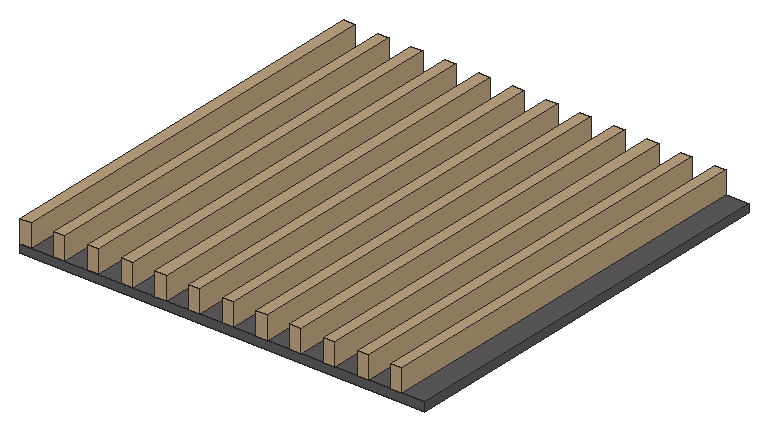
Revit family "RAINIER FINS 1in - 18 X 18", category Generic Models, host Face, Revit 2023
Family settings
  Host = Face
  Can host rebar = No
  Round Connector Dimension = Use Diameter
  Part Type = Normal
  Cut with Voids When Loaded = No
  Maintain Annotation Orientation = No
  Shared = No
  Room Calculation Point = No
Parameters (values of type "CHARCOAL  FELT - 1" UMBER WOOD")
  WOOD MATERIAL = Umber
  FELT MATERIAL = Cambio Felt Board - Charcoal
  Default Elevation = 4' - 0"
Types (37): name | WOOD MATERIAL | FELT MATERIAL
  (no name) | Umber | Cambio Felt Board - Charcoal
  STONE FELT - 1" OAK WOOD | Oak - Clear | Cambio Felt Board - Stone
  STONE FELT - 1" UMBER WOOD | Umber | Cambio Felt Board - Stone
  STONE FELT - 1" LEATHER WOOD | Leather | Cambio Felt Board - Stone
  STONE FELT - 1" EBONY WOOD | Ebony | Cambio Felt Board - Stone
  SAND DOLLAR FELT - EBONY WOOD | Ebony | Cambio Felt Board - Sand Dollar
  SAND DOLLAR FELT - 1" LEATHER WOOD | Leather | Cambio Felt Board - Sand Dollar
  SAND DOLLAR FELT - 1" UMBER WOOD | Umber | Cambio Felt Board - Sand Dollar
  SAND DOLLAR FELT - 1" CLEAR OAK WOOD | Oak - Clear | Cambio Felt Board - Sand Dollar
  PEPPER FELT - 1" CLEAR OAK WOOD | Oak - Clear | Cambio Felt Board - Pepper
  PEPPER FELT - 1" UMBER WOOD | Umber | Cambio Felt Board - Pepper
  PEPPER FELT - 1" LEATHER WOOD | Leather | Cambio Felt Board - Pepper
  PEPPER FELT - 1" EBONY WOOD | Ebony | Cambio Felt Board - Pepper
  OAT FELT - 1" EBONY WOOD | Ebony | Cambio Felt Board - Oat
  OAT FELT - 1" LEATHER WOOD | Leather | Cambio Felt Board - Oat
  OAT FELT - 1" UMBER WOOD | Umber | Cambio Felt Board - Oat
  OAT FELT - 1" CLEAR OAK WOOD | Oak - Clear | Cambio Felt Board - Oat
  MARBLE FELT - 1" CLEAR OAK WOOD | Oak - Clear | Cambio Felt Board - Marble
  MARBLE FELT - 1" UMBER WOOD | Umber | Cambio Felt Board - Marble
  MARBLE FELT - 1" LEATHER WOOD | Leather | Cambio Felt Board - Marble
  MARBLE FELT - 1" EBONY WOOD | Ebony | Cambio Felt Board - Marble
  GREY FELT - 1" CLEAR OAK WOOD | Oak - Clear | Cambio Felt Board - Grey
  GREY  FELT - 1" UMBER WOOD | Umber | Cambio Felt Board - Grey
  GREY  FELT - 1" LEATHER WOOD | Leather | Cambio Felt Board - Grey
  GREY  FELT - 1" EBONY WOOD | Ebony | Cambio Felt Board - Grey
  EARTH BROWN  FELT - 1" EBONY WOOD | Ebony | Cambio Felt Board - Earth Brown
  EARTH BROWN  FELT - 1" LEATHER WOOD | Leather | Cambio Felt Board - Earth Brown
  EARTH BROWN  FELT - 1" UMBER WOOD | Umber | Cambio Felt Board - Earth Brown
  EARTH BROWN  FELT - 1" CLEAR OAK WOOD | Oak - Clear | Cambio Felt Board - Earth Brown
  CHARCOAL  FELT - 1" CLEAR OAK WOOD | Oak - Clear | Cambio Felt Board - Charcoal
  CHARCOAL  FELT - 1" UMBER WOOD | Umber | Cambio Felt Board - Charcoal
  CHARCOAL  FELT - 1" LEATHER WOOD | Leather | Cambio Felt Board - Charcoal
  CHARCOAL  FELT - 1" EBONY WOOD | Ebony | Cambio Felt Board - Charcoal
  BLACK  FELT - 1" LEATHER WOOD | Leather | Cambio Felt Board - Black
  BLACK  FELT - 1" EBONY WOOD | Ebony | Cambio Felt Board - Black
  BLACK  FELT - 1" UMBER WOOD | Umber | Cambio Felt Board - Black
  BLACK  FELT - 1" CLEAR OAK WOOD | Oak - Clear | Cambio Felt Board - Black
Reference planes (in)
  plane 1 "Center (Front/Back)": y = 0
  plane 2: z = 0
  plane 3 "Center (Left/Right)": x = 0
Dimensions and locks (in)
  aligned and locked: plane 2 to host face
  aligned and locked: level to host face
Nested families (in)
  nested 1: "FELT SUBSTRATE" at (0, 0, 0), type "18 X 18"
  nested 2: "Rainier Fin Stick" at (-8.75, 0, 0.375), type "Rainier Fin 18"
    with Stick Height 0' - 1", LENGTH 1' - 6"
  nested 3: "Rainier Fin Stick" at (-7.25, 0, 0.375), type "Rainier Fin 18"
    with Stick Height 0' - 1", LENGTH 1' - 6"
  nested 4: "Rainier Fin Stick" at (-5.75, 0, 0.375), type "Rainier Fin 18"
    with Stick Height 0' - 1", LENGTH 1' - 6"
  nested 5: "Rainier Fin Stick" at (-4.25, 0, 0.375), type "Rainier Fin 18"
    with Stick Height 0' - 1", LENGTH 1' - 6"
  nested 6: "Rainier Fin Stick" at (-2.75, 0, 0.375), type "Rainier Fin 18"
    with Stick Height 0' - 1", LENGTH 1' - 6"
  nested 7: "Rainier Fin Stick" at (-1.25, 0, 0.375), type "Rainier Fin 18"
    with Stick Height 0' - 1", LENGTH 1' - 6"
  nested 8: "Rainier Fin Stick" at (0.25, 0, 0.375), type "Rainier Fin 18"
    with Stick Height 0' - 1", LENGTH 1' - 6"
  nested 9: "Rainier Fin Stick" at (1.75, 0, 0.375), type "Rainier Fin 18"
    with Stick Height 0' - 1", LENGTH 1' - 6"
  nested 10: "Rainier Fin Stick" at (3.25, 0, 0.375), type "Rainier Fin 18"
    with Stick Height 0' - 1", LENGTH 1' - 6"
  nested 11: "Rainier Fin Stick" at (4.75, 0, 0.375), type "Rainier Fin 18"
    with Stick Height 0' - 1", LENGTH 1' - 6"
  nested 12: "Rainier Fin Stick" at (6.25, 0, 0.375), type "Rainier Fin 18"
    with Stick Height 0' - 1", LENGTH 1' - 6"
  nested 13: "Rainier Fin Stick" at (7.75, 0, 0.375), type "Rainier Fin 18"
    with Stick Height 0' - 1", LENGTH 1' - 6"
Definition of nested family "FELT SUBSTRATE"
  Parameters (values of type "36 X 36")
    FELT WIDTH = 3' - 0"
    FELT THICKNESS = 0' - 0 3/8"
    FELT MATERIAL = none
    FELT HEIGHT = 3' - 0"
    Default Elevation = 4' - 0"
  Types (6): name | FELT WIDTH | FELT HEIGHT
    (no name) | 3' - 0" | 3' - 0"
    18 X 18 | 1' - 6" | 1' - 6"
    18 X 36 | 1' - 6" | 3' - 0"
    18 X 54 | 1' - 6" | 4' - 6"
    18 X 90 | 1' - 6" | 7' - 6"
    36 X 36 | 3' - 0" | 3' - 0"
  Reference planes (in)
    plane 1 "Center (Front/Back)": y = 0
    plane 2: z = 0
    plane 3 "Center (Left/Right)": x = 0
  Forms (in)
    Extrusion 1, solid
      sketch origin (0, 0, 0) x (1, 0, 0) y (0, 1, 0)
        loop
          line (-48, 48) -> (-48, -48) -> (48, -48) -> (48, 48) -> (-48, 48)
      from 0 to -12
    Extrusion 2, solid, material <- "FELT MATERIAL"
      sketch origin (0, 0, 0) x (1, 0, 0) y (0, 1, 0)
        loop
          line (-18, 18) -> (-18, -18) -> (18, -18) -> (18, 18) -> (-18, 18)
      from 0 to 0.375 <- "FELT THICKNESS"
  Dimensions and locks (in)
    equal spacing: Extrusion 2 sketch curve, plane 3 "Center (Left/Right)", Extrusion 2 sketch curve
    equal spacing: Extrusion 2 sketch curve, plane 1 "Center (Front/Back)", Extrusion 2 sketch curve
    "FELT WIDTH": Extrusion 2 sketch curve to Extrusion 2 sketch curve
    "FELT HEIGHT": Extrusion 2 sketch curve to Extrusion 2 sketch curve
    aligned and locked: plane 2 to Extrusion 1
    aligned and locked: level to Extrusion 1
  Automatic sketch dimensions
    Extrusion 1 sketch curve to Extrusion 1 sketch curve = 8' - 0"  (x2)
Definition of nested family "Rainier Fin Stick"
  Parameters (values of type "Rainier Fin")
    Stick Height = 0' - 1 1/2"
    Stick Width = 0' - 0 1/2"
    Material = none
    LENGTH = 4' - 0"
    Default Elevation = 4' - 0"
  Reference planes (in)
    plane 1 "Center (Front/Back)": y = 0
    plane 2: z = 0
    plane 3 "Center (Left/Right)": x = 0
  Forms (in)
    Extrusion 1, solid
      sketch origin (0, 0, 0) x (1, 0, 0) y (0, 1, 0)
        loop
          line (-48, 48) -> (-48, -48) -> (48, -48) -> (48, 48) -> (-48, 48)
      from 0 to -12
    Extrusion 2, solid, material <- "Material"
      sketch origin (0, 0, 0) x (1, 0, 0) y (0, 1, 0)
        loop
          line (-0.25, 24) -> (-0.25, -24) -> (0.25, -24) -> (0.25, 24) -> (-0.25, 24)
      from 0 to 1.5
  Dimensions and locks (in)
    equal spacing: Extrusion 2 sketch curve, plane 3 "Center (Left/Right)", Extrusion 2 sketch curve
    equal spacing: Extrusion 2 sketch curve, plane 1 "Center (Front/Back)", Extrusion 2 sketch curve
    "Stick Width": Extrusion 2 to Extrusion 2
    "LENGTH": Extrusion 2 to Extrusion 2
    "Stick Height": Extrusion 2 to Extrusion 1
    aligned and locked: plane 2 to Extrusion 1
    aligned and locked: level to Extrusion 1
  Automatic sketch dimensions
    Extrusion 1 sketch curve to Extrusion 1 sketch curve = 8' - 0"  (x2)
    Extrusion 2 sketch curve to plane 3 "Center (Left/Right)" = 0' - 0 1/4"
    plane 1 "Center (Front/Back)" to Extrusion 2 sketch curve = 2' - 0"
